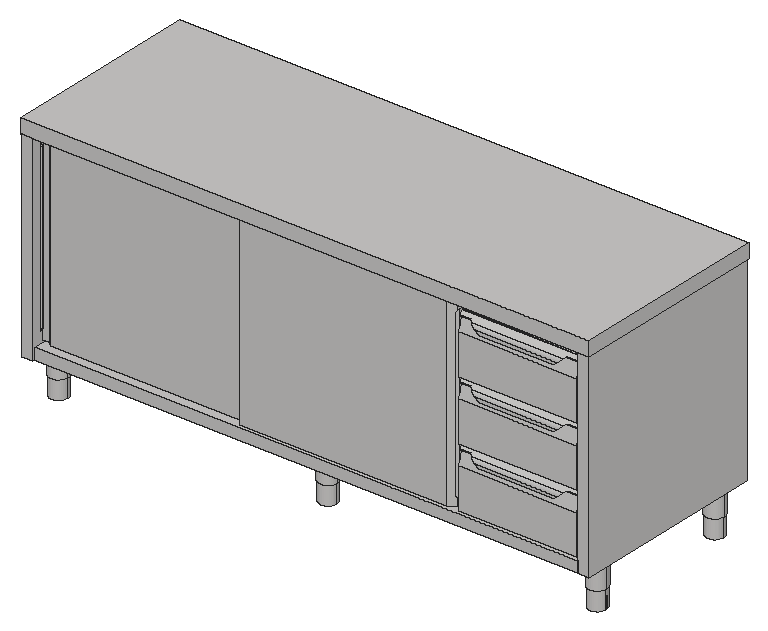
Revit family "QF_ZANUSSI_133263_MTA2000DXPN", category Attrezzature speciali, Revit 2020
Family settings
  Quota connettore circolare = Usa diametro
  Tipo di parte = Normale
  Basato su piano di lavoro = No
  Sempre verticale = Sì
  Taglio con vuoti quando caricato = No
  Condiviso = No
  Punto di calcolo locali = No
Parameters (values of type "Standard")
  Weight = 80.00 kg
  Watts = 0 W
  Volts = 0 V
  URL Manufacturer = "http://www.zanussiprofessional.com"
  URL = "http://www.zanussiprofessional.com"
  Steam Supply Size = 0 mm
  Steam Supply Minimum Pressure = 0.0 Pa
  Steam Supply Maximum Pressure = 0.0 Pa
  Steam Consumption per Hour = 0
  Refrigeration Suction Line Size = 0.0 mm
  Refrigeration Liquid Line Size = 0.0 mm
  Refrigerant Compressor Remote = yes
  Prospetto di default = 0.0 mm
  Phase = 0
  Modello = "MTA2000DXPN"
  Produttore = "Zanussi"
  Length Actual = 2000.0 mm  # constant formula
  Item Number = "133263"
  Hot Water Size = 0 mm
  Height Actual = 900.0 mm  # constant formula
  HP = "0 HP"
  Gas Size = 0 mm
  Gas KW = 0
  Gas Input Pressure = 0 W
  Direct Waste Size = 0 mm
  Descrizione = "TABLE W/3 R/H DRAWERS+2 SLIDING D.2000MM"
  Depth Actual = 700.0 mm  # constant formula
  Cycle = 0 Hz
  Condensate Return Size = 0 mm
  Compressed Air Volume = 0.0 L/s
  Compressed Air Size = 0 mm
  Compressed Air Pressure = 0.0 Pa
  Cold Water Size = 0 mm
  Accessory = yes
Reference planes
  plane 1 "Center (Front/Back)": y = 0
  plane 2: z = 0
  plane 3 "Center Slide Doors": x = -209
  plane 4 "LEFT": x = -1000
  plane 5 "RIGHT": x = 1000
  plane 6 "BACK": y = 350
  plane 7 "FRONT": y = -350
  plane 8 "TOP": z = 900
  plane 9: x = -954
  plane 10: x = 954
  plane 11: y = 270
  plane 12: y = -247
  plane 13 "FEET": z = 150
  plane 14: x = -956.5
  plane 15: y = -344.5
  plane 16: x = 538.5
  plane 17: x = -233.5
  plane 18: x = -184.5
  plane 19 "BaseTop": z = 850
  plane 20: x = -994.5
  plane 21: y = 344.5
  plane 22: x = 536
  plane 23: x = 956.5
  plane 24 "FeetLeft": x = -947
  plane 25: x = 947
  plane 26 "Center (Left/Right)": x = 0
  plane 27: x = 994.5
Forms (mm)
  Extrusion 1, solid, material "QF_Finishes_Stainless Steel"
    sketch origin (0, 0, 150) x (-1, 0, 0) y (0, -1, 0)
      loop
        line (994.5, -350) -> (994.5, 350) -> (956.5, 350) -> (956.5, -350) -> (994.5, -350)
      loop
        line (-956.4, -350) -> (-956.4, 344.5) -> (-994.5, 344.5) -> (-994.5, -350) -> (-956.4, -350)
    from 0 to 700
  Extrusion 2, solid, material "QF_Finishes_Stainless Steel"
    sketch origin (0, 0, 150) x (-1, 0, 0) y (0, -1, 0)
      loop
        line (956.5, -347) -> (956.5, 344.5) -> (-956.5, 344.5) -> (-956.5, -347) -> (956.5, -347)
    from 0 to 40
  Extrusion 3, solid, material "QF_Finishes_Stainless Steel"
    sketch origin (33, 0, 150) x (-1, 0, 0) y (0, -1, 0)
      loop
        line (217.5, 324.5) -> (217.5, 304.5) -> (987, 304.5) -> (987, 319.071) -> (977.942, 328.129) -> (976.312, 326.5) -> (985, 317.812) -> (985, 309.5) -> (966.034, 309.5) -> (946.034, 324.5) -> (217.5, 324.5)
    from 700 to 50
  Extrusion 4, void
    sketch origin (0, -350, 0) x (-1, 0, 0) y (0, 0, 1)
      loop
        line (942.418, 247.973) -> (942.418, 191.4) -> (956.5, 191.4) -> (956.5, 229.369) -> (942.418, 247.973)
      loop
        line (942.418, 816.627) -> (956.5, 835.231) -> (956.5, 850) -> (942.418, 850) -> (942.418, 816.627)
    from 20.5 to 40.5
  Extrusion 5, solid, material "QF_Finishes_Stainless Steel"
    sketch origin (0, 0, 150) x (-1, 0, 0) y (0, -1, 0)
      loop
        line (-956.5, -350) -> (956.5, -350) -> (956.5, -327) -> (-956.5, -327) -> (-956.5, -350)
    from 700 to 40
  Extrusion 6, solid, material "QF_Finishes_Stainless Steel"
    sketch origin (-209, 0, 0) x (0, 1, 0) y (0, 0, 1)
      loop
        line (-350, 900) -> (-350, 850) -> (350, 850) -> (350, 900) -> (-350, 900)
    from 1209 to -791
  Extrusion 7, solid, material "QF_Finishes_Stainless Steel"
    sketch origin (-847, -20, 150) x (1, 0, 0) y (0, 1, 0)
      loop
        line (613.5, -324.5) -> (1344.034, -324.5) -> (1364.034, -309.5) -> (1381, -309.5) -> (1381, -317.812) -> (1374.312, -324.5) -> (1375.942, -326.129) -> (1383, -319.071) -> (1383, -304.5) -> (613.5, -304.5) -> (613.5, -324.5)
    from 700 to 50
  Extrusion 8, void
    sketch origin (-814, -350, 0) x (1, 0, 0) y (0, 0, -1)
      loop
        line (1340.418, -247.973) -> (1352.5, -229.369) -> (1352.5, -191.4) -> (1340.418, -191.4) -> (1340.418, -247.973)
      loop
        line (1340.418, -816.627) -> (1340.418, -850) -> (1352.5, -850) -> (1352.5, -835.231) -> (1340.418, -816.627)
    from 2.49 to 20.5
  Extrusion 9, solid, material "QF_Finishes_Stainless Steel"
    sketch origin (0, 0, 850) x (-1, 0, 0) y (0, -1, 0)
      loop
        line (-956.5, 304.5) -> (-956.5, 299.5) -> (-954, 299.5) -> (-954, 304.5) -> (-956.5, 304.5)
    from 0 to -2
Cuts and joins
  Extrusion 4, Extrusion 8 cuts Extrusion 3
  Extrusion 8 cuts Extrusion 1
  Extrusion 8 cuts Extrusion 6
  Extrusion 8 cuts Extrusion 7
Lines and regions (mm)
  symbolic lines, style "SpecialityEquipment"
    curve 1: line (-1000, 350, 850) -> (1000, 350, 850)
    curve 2: line (-1000, -350, 850) -> (-1000, 350, 850)
    curve 3: line (1000, -350, 850) -> (-1000, -350, 850)
    curve 4: line (1000, 350, 850) -> (1000, -350, 850)
    curve 17: line (-1000, 337, 850) -> (1000, 337, 850)
  symbolic lines, style "SpecialityEquipmentHiddenLines"
    curve 5: line (-233.5, -324.5, 200) -> (-233.5, -344.5, 200)
    curve 6: line (-954, -304.5, 850) -> (-184.5, -304.5, 850)
    curve 7: line (-184.5, -304.5, 850) -> (-184.5, -324.5, 850)
    curve 8: line (-184.5, -324.5, 850) -> (-913.034, -324.5, 850)
    curve 9: line (-913.034, -324.5, 850) -> (-933.034, -309.5, 850)
    curve 10: line (-933.034, -309.5, 850) -> (-954, -309.5, 850)
    curve 11: line (-954, -309.5, 850) -> (-954, -304.5, 850)
    curve 12: line (-233.5, -344.5, 850) -> (497.034, -344.5, 850)
    curve 13: line (497.034, -344.5, 850) -> (517.034, -329.5, 850)
    curve 14: line (517.034, -329.5, 850) -> (536, -329.5, 850)
    curve 15: line (536, -329.5, 850) -> (536, -324.5, 850)
    curve 16: line (536, -324.5, 850) -> (-184.5, -324.5, 850)
Dimensions and locks
  plane 6 "BACK" to plane 7 "FRONT" = 700.0 mm
  equal spacing: plane 6 "BACK", plane 1 "Center (Front/Back)", plane 7 "FRONT"
  locked: plane 13 "FEET" to level at 150
  locked: plane 6 "BACK" to plane 11 at 80
  locked: plane 12 to plane 7 "FRONT" at 103
  plane 17 to plane 18 = 49.0 mm
  equal spacing: plane 17, plane 3 "Center Slide Doors", plane 18
  locked: plane 4 "LEFT" to plane 20 at 5.5
  locked: plane 20 to plane 14 at 38
  plane 15 to plane 7 "FRONT" = 5.5 mm  (x2)
  plane 6 "BACK" to plane 21 = 5.5 mm
  locked: plane 22 to plane 16 at 2.5
  equal spacing: plane 9, plane 3 "Center Slide Doors", plane 22
  locked: plane 9 to plane 22 at 1490
  locked: plane 4 "LEFT" to plane 5 "RIGHT" at 2000
  locked: plane 24 "FeetLeft" to plane 20 at 47.5
  locked: plane 8 "TOP" to level at 900
  locked: plane 27 to plane 5 "RIGHT" at 5.5
  locked: plane 23 to plane 27 at 38
  locked: plane 10 to plane 23 at 2.5
  locked: plane 27 to plane 25 at 47.5
  equal spacing: plane 4 "LEFT", plane 26 "Center (Left/Right)", plane 5 "RIGHT"
  locked: plane 14 to plane 9 at 2.5
  aligned and locked: level to plane 2
  aligned and locked: nested 4 to plane 11
  aligned and locked: nested 3 to plane 11
  aligned and locked: plane 6 "BACK" to Extrusion 1 sketch curve
  aligned and locked: Extrusion 1 sketch curve to plane 6 "BACK"
  aligned and locked: Extrusion 1 sketch curve to plane 7 "FRONT"
  aligned and locked: plane 14 to Extrusion 1
  aligned and locked: Extrusion 2 to plane 14
  aligned and locked: Extrusion 2 to plane 15
  aligned and locked: nested 1 to plane 12
  aligned and locked: nested 2 to plane 12
  aligned and locked: plane 18 to Extrusion 3
  aligned and locked: nested 4 to nested 2
  aligned and locked: Extrusion 5 to plane 14
  aligned and locked: plane 19 "BaseTop" to Extrusion 3
  aligned and locked: plane 19 "BaseTop" to Extrusion 5
  aligned and locked: Extrusion 6 to plane 4 "LEFT"
  aligned and locked: plane 5 "RIGHT" to Extrusion 6
  aligned and locked: plane 23 to Extrusion 2 sketch curve
  aligned and locked: plane 24 "FeetLeft" to nested 1
  aligned and locked: nested 3 to nested 1
  aligned and locked: plane 25 to nested 2
  aligned and locked: nested 5 to plane 26 "Center (Left/Right)"
  aligned and locked: nested 6 to nested 5
  aligned and locked: Extrusion 5 to plane 23
  aligned and locked: plane 27 to cut or joined group of Extrusion 1, Extrusion 8
Automatic sketch dimensions
  Extrusion 1 sketch curve to plane 15 = 0.0 mm
  Extrusion 1 sketch curve to plane 14 = 0.0 mm
  Extrusion 1 sketch curve to plane 20 = 0.0 mm
  plane 23 to Extrusion 1 sketch curve = 0.1 mm
  Extrusion 2 sketch curve to plane 14 = 0.0 mm
  Extrusion 2 sketch curve to plane 15 = 0.0 mm
  plane 21 to Extrusion 2 sketch curve = 2.5 mm
  Extrusion 3 sketch curve to plane 18 = 0.0 mm
  Extrusion 3 sketch curve to plane 9 = 0.0 mm
  plane 24 "FeetLeft" to Extrusion 3 sketch curve = 33.966 mm
  plane 24 "FeetLeft" to Extrusion 3 sketch curve = 13.966 mm
  plane 24 "FeetLeft" to Extrusion 3 sketch curve = 3.688 mm
  plane 24 "FeetLeft" to Extrusion 3 sketch curve = 2.058 mm
  plane 9 to Extrusion 3 sketch curve = 2.0 mm
  plane 15 to Extrusion 3 sketch curve = 40.0 mm
  Extrusion 3 sketch curve to Extrusion 3 sketch curve = 5.0 mm
  Extrusion 3 sketch curve to Extrusion 3 sketch curve = 8.312 mm
  Extrusion 3 sketch curve to Extrusion 3 sketch curve = 1.259 mm
  plane 15 to Extrusion 3 sketch curve = 20.0 mm
  Extrusion 4 sketch curve to plane 19 "BaseTop" = 0.0 mm
  Extrusion 4 sketch curve to plane 14 = 0.0 mm  (x2)
  plane 24 "FeetLeft" to Extrusion 4 sketch curve = 4.582 mm  (x2)
  Extrusion 4 sketch curve to Extrusion 4 sketch curve = 14.769 mm
  Extrusion 4 sketch curve to Extrusion 4 sketch curve = 18.604 mm  (x2)
  plane 13 "FEET" to Extrusion 4 sketch curve = 97.973 mm
  Extrusion 4 sketch curve to Extrusion 4 sketch curve = 37.969 mm
  curve 5 to plane 15 = 0.0 mm
  curve 5 to plane 17 = 0.0 mm
  plane 15 to curve 5 = 20.0 mm
  Extrusion 5 sketch curve to plane 6 "BACK" = 0.0 mm
  Extrusion 5 sketch curve to plane 23 = 0.0 mm
  Extrusion 5 sketch curve to plane 14 = 0.0 mm
  plane 21 to Extrusion 5 sketch curve = 17.5 mm
  curve 17 to plane 5 "RIGHT" = 0.0 mm
  curve 16 to plane 22 = 0.0 mm
  curve 13 to plane 15 = 0.0 mm
  curve 7 to plane 18 = 0.0 mm
  curve 12 to plane 17 = 0.0 mm
  curve 11 to plane 9 = 0.0 mm
  curve 3 to plane 4 "LEFT" = 0.0 mm
  curve 1 to plane 6 "BACK" = 0.0 mm
  curve 3 to plane 7 "FRONT" = 0.0 mm
  curve 14 to curve 14 = 18.966 mm
  curve 13 to curve 13 = 20.0 mm
  plane 24 "FeetLeft" to curve 9 = 33.966 mm
  plane 24 "FeetLeft" to curve 9 = 13.966 mm
  plane 15 to curve 7 = 40.0 mm
  curve 6 to curve 10 = 5.0 mm
  plane 15 to curve 8 = 20.0 mm
  curve 15 to curve 15 = 5.0 mm
  curve 17 to plane 21 = 7.5 mm
  Extrusion 6 sketch curve to plane 7 "FRONT" = 0.0 mm
  Extrusion 6 sketch curve to plane 6 "BACK" = 0.0 mm
  Extrusion 6 sketch curve to plane 19 "BaseTop" = 0.0 mm
  Extrusion 7 sketch curve to plane 17 = 0.0 mm
  Extrusion 7 sketch curve to plane 15 = 0.0 mm  (x2)
  Extrusion 7 sketch curve to plane 22 = 0.0 mm
  plane 22 to Extrusion 7 sketch curve = 38.966 mm
  plane 22 to Extrusion 7 sketch curve = 18.966 mm
  plane 22 to Extrusion 7 sketch curve = 8.688 mm
  plane 15 to Extrusion 7 sketch curve = 1.629 mm
  Extrusion 7 sketch curve to Extrusion 7 sketch curve = 1.629 mm
  plane 22 to Extrusion 7 sketch curve = 2.0 mm
  Extrusion 7 sketch curve to plane 15 = 15.0 mm
  Extrusion 7 sketch curve to Extrusion 7 sketch curve = 5.0 mm
  Extrusion 8 sketch curve to plane 19 "BaseTop" = 0.0 mm
  Extrusion 8 sketch curve to plane 16 = 0.0 mm  (x2)
  plane 22 to Extrusion 8 sketch curve = 9.582 mm  (x2)
  Extrusion 8 sketch curve to Extrusion 8 sketch curve = 14.769 mm
  Extrusion 8 sketch curve to Extrusion 8 sketch curve = 18.604 mm  (x2)
  Extrusion 8 sketch curve to plane 13 "FEET" = 97.973 mm
  Extrusion 8 sketch curve to Extrusion 8 sketch curve = 37.969 mm
  Extrusion 9 sketch curve to plane 23 = 0.0 mm
  Extrusion 9 sketch curve to plane 10 = 0.0 mm
  plane 15 to Extrusion 9 sketch curve = 45.0 mm
  Extrusion 9 sketch curve to Extrusion 9 sketch curve = 5.0 mm
  Extrusion 1 sketch curve to plane 5 "RIGHT" = 5.5 mm
  Extrusion 6 sketch curve to plane 8 "TOP" = 0.0 mm
Nested families
  nested 1: "FEET_D60-150" at (-947, -247, 0), type "FEET_D60-150"
  nested 2: "FEET_D60-150" at (947, -247, 0), type "FEET_D60-150"
  nested 3: "FEET_D60-150" at (-947, 270, 0), type "FEET_D60-150"
  nested 4: "FEET_D60-150" at (947, 270, 0), type "FEET_D60-150"
  nested 5: "FEET_D60-150" at (0, -247, 0), type "FEET_D60-150"
  nested 6: "FEET_D60-150" at (0, 270, 0), type "FEET_D60-150"
  nested 7: "H637_600_3DRAWERS" at (710.458, -304.5, 152) x (1, 0, 0) z (0, -1, 0), type "H637_600_3DRAWERS"
    with Show Clearance yes
Definition of nested family "FEET_D60-150"
  Parameters
    Default Elevation = 0.0 mm
    FEET = 150.0 mm
  Reference planes
    plane 1 "Center (Front/Back)": y = 0
    plane 2: z = 0
    plane 3 "Center (Left/Right)": x = 0
    plane 4: z = 150
  Forms (mm)
    Extrusion 1, solid
      sketch origin (0, 0, 0) x (1, 0, 0) y (0, 1, 0)
        loop
          circle (0, 0) r 28
      from 0 to 67
    Revolve 2, solid
      sketch origin (0, 0, 0) x (1, 0, 0) y (0, 0, 1)
        loop
          line (0, 0) -> (0, 150) -> (-32.939, 150) -> (-32.939, 67) -> (-30, 67) -> (-30, 0) -> (0, 0)
        axis (0, 150) -> (0, 0)
      angle from 0 to 360
  Lines and regions (mm)
    symbolic lines
      curve 1: line (0, -1.503, 0) -> (0, 1.508, 0)
      curve 2: line (1.561, 0, 0) -> (-1.439, 0, 0)
  Dimensions and locks
    "FEET": plane 4 to plane 2
    aligned and locked: level to plane 2
  Automatic sketch dimensions
    plane 1 "Center (Front/Back)" to Extrusion 1 sketch curve = 0.0 mm
    Extrusion 1 sketch curve to plane 3 "Center (Left/Right)" = 0.0 mm
    plane 1 "Center (Front/Back)" to curve 2 = 0.0 mm
    curve 1 to plane 3 "Center (Left/Right)" = 0.0 mm
    curve 2 to plane 3 "Center (Left/Right)" = 1.439 mm
    plane 3 "Center (Left/Right)" to curve 2 = 1.561 mm
    plane 1 "Center (Front/Back)" to curve 1 = 1.503 mm
    curve 1 to plane 1 "Center (Front/Back)" = 1.508 mm
    Revolve 2 sketch curve to plane 4 = 0.0 mm
    Revolve 2 sketch curve to level = 0.0 mm
    Revolve 2 sketch curve to plane 3 "Center (Left/Right)" = 0.0 mm  (x2)
    Revolve 2 sketch curve to plane 3 "Center (Left/Right)" = 30.0 mm
    Revolve 2 sketch curve to plane 3 "Center (Left/Right)" = 32.939 mm
    level to Revolve 2 sketch curve = 67.0 mm
    Revolve 2 sketch curve to level = 42.207 mm
    Revolve 2 sketch curve to Revolve 2 sketch curve = 10.0 mm
    radius of Extrusion 1 sketch curve = 28.0 mm
Definition of nested family "H637_600_3DRAWERS"
  Parameters
    Width = 419.0 mm
    Show Clearance [instance] = yes
    Model = "727995"
    Height = 700.0 mm
    Default Elevation = 0.0 mm
  Reference planes
    plane 1 "Center (Front/Back)": y = 0
    plane 2: z = 0
    plane 3 "Center (Left/Right)": x = 36.042
    plane 4 "panel": z = 25
    plane 5 "Left": x = -173.458
    plane 6 "Right": x = 245.542
    plane 7: y = 700
    plane 8: z = 45
    plane 9: x = 243.542
    plane 10: x = -171.458
    plane 11: y = 676
    plane 12: y = 38
    plane 13: z = 499.734
    plane 14: y = 470
    plane 15: y = 465
    plane 16: y = 259
    plane 17: y = 254
    plane 18: y = 48
  Forms (mm)
    Extrusion 1, solid
      sketch origin (0, -919.2, 0) x (1, 0, 0) y (0, 1, 0)
        loop
          line (-980.5, 2119.2) -> (-980.5, -162.846) -> (881.94, -162.846) -> (881.94, 2119.2) -> (-980.5, 2119.2)
      from 0 to -59.546
    Extrusion 2, solid
      sketch origin (36.042, -645.693, 0) x (0, 1, 0) y (0, 0, 1)
        loop
          line (856.63, 49.734) -> (856.63, 47.734) -> (866.98, 47.734)
          arc (866.98, 47.734) -> (873.586, 46.42) -> (879.186, 42.679) r 17.261
          line (879.186, 42.679) -> (896.019, 25.845) -> (899.693, 25) -> (880.6, 44.093)
          arc (880.6, 44.093) -> (874.351, 48.268) -> (866.98, 49.734) r 19.261
          line (866.98, 49.734) -> (856.63, 49.734)
      from -207.5 to 207.5
    Extrusion 3, solid, detail levels coarse
      sketch origin (0, 0, 0) x (1, 0, 0) y (0, 0, 1)
        loop
          line (-171.458, 40) -> (243.542, 40) -> (243.542, 499.734) -> (-171.458, 499.734) -> (-171.458, 40)
      from -48 to -254
    Extrusion 4, solid
      sketch origin (36.042, -616, 0) x (0, 1, 0) y (0, 0, 1)
        loop
          line (664.4, 40) -> (664.4, 0) -> (870, 0) -> (870, 25) -> (804.797, 40) -> (664.4, 40)
      from 207.5 to -207.5
    Extrusion 5, void
      sketch origin (0, 0, 0) x (1, 0, 0) y (0, 1, 0)
        loop
          line (-99.744, 213.799) -> (-133.705, 243.322) -> (-166.458, 243.322)
          arc (-166.458, 243.322) -> (-169.994, 244.786) -> (-171.458, 248.322) r 5
          line (-171.458, 248.322) -> (-171.458, 210.937) -> (-91.403, 210.937)
          arc (-91.403, 210.937) -> (-95.762, 211.819) -> (-99.744, 213.799) r 17.035
      from 36.678 to 53.74
    Extrusion 6, void
      sketch origin (72.084, 0, 0) x (-1, 0, 0) y (0, -1, 0)
        loop
          arc (-99.744, -213.799) -> (-95.762, -211.819) -> (-91.403, -210.937) r 17.035
          line (-91.403, -210.937) -> (-171.458, -210.937) -> (-171.458, -248.322)
          arc (-171.458, -248.322) -> (-169.994, -244.786) -> (-166.458, -243.322) r 5
          line (-166.458, -243.322) -> (-133.705, -243.322) -> (-99.744, -213.799)
      from 36.678 to 53.74
    Extrusion 7, solid
      sketch origin (36.042, -434.693, 0) x (0, 1, 0) y (0, 0, 1)
        loop
          line (856.63, 49.734) -> (856.63, 47.734) -> (866.98, 47.734)
          arc (866.98, 47.734) -> (873.586, 46.42) -> (879.186, 42.679) r 17.261
          line (879.186, 42.679) -> (896.019, 25.845) -> (899.693, 25) -> (880.6, 44.093)
          arc (880.6, 44.093) -> (874.351, 48.268) -> (866.98, 49.734) r 19.261
          line (866.98, 49.734) -> (856.63, 49.734)
      from -207.5 to 207.5
    Extrusion 8, solid
      sketch origin (36.042, -405, 0) x (0, 1, 0) y (0, 0, 1)
        loop
          line (664, 40) -> (664, 0) -> (870, 0) -> (870, 25) -> (804.797, 40) -> (664, 40)
      from 207.5 to -207.5
    Extrusion 9, void
      sketch origin (0, 211, 0) x (1, 0, 0) y (0, 1, 0)
        loop
          line (-99.744, 213.799) -> (-133.705, 243.322) -> (-166.458, 243.322)
          arc (-166.458, 243.322) -> (-169.994, 244.786) -> (-171.458, 248.322) r 5
          line (-171.458, 248.322) -> (-171.458, 210.937) -> (-91.403, 210.937)
          arc (-91.403, 210.937) -> (-95.762, 211.819) -> (-99.744, 213.799) r 17.035
      from 36.678 to 53.74
    Extrusion 10, void
      sketch origin (72.084, 211, 0) x (-1, 0, 0) y (0, -1, 0)
        loop
          arc (-99.744, -213.799) -> (-95.762, -211.819) -> (-91.403, -210.937) r 17.035
          line (-91.403, -210.937) -> (-171.458, -210.937) -> (-171.458, -248.322)
          arc (-171.458, -248.322) -> (-169.994, -244.786) -> (-166.458, -243.322) r 5
          line (-166.458, -243.322) -> (-133.705, -243.322) -> (-99.744, -213.799)
      from 36.678 to 53.74
    Extrusion 11, solid
      sketch origin (36.042, -223.693, 0) x (0, 1, 0) y (0, 0, 1)
        loop
          line (856.63, 49.734) -> (856.63, 47.734) -> (866.98, 47.734)
          arc (866.98, 47.734) -> (873.586, 46.42) -> (879.186, 42.679) r 17.261
          line (879.186, 42.679) -> (896.019, 25.845) -> (899.693, 25) -> (880.6, 44.093)
          arc (880.6, 44.093) -> (874.351, 48.268) -> (866.98, 49.734) r 19.261
          line (866.98, 49.734) -> (856.63, 49.734)
      from -207.5 to 207.5
    Extrusion 12, solid
      sketch origin (36.042, -194, 0) x (0, 1, 0) y (0, 0, 1)
        loop
          line (664, 40) -> (664, 0) -> (870, 0) -> (870, 25) -> (804.797, 40) -> (664, 40)
      from 207.5 to -207.5
    Extrusion 13, void
      sketch origin (0, 422, 0) x (1, 0, 0) y (0, 1, 0)
        loop
          line (-99.744, 213.799) -> (-133.705, 243.322) -> (-166.458, 243.322)
          arc (-166.458, 243.322) -> (-169.994, 244.786) -> (-171.458, 248.322) r 5
          line (-171.458, 248.322) -> (-171.458, 210.937) -> (-91.403, 210.937)
          arc (-91.403, 210.937) -> (-95.762, 211.819) -> (-99.744, 213.799) r 17.035
      from 36.678 to 53.74
    Extrusion 14, void
      sketch origin (72.084, 422, 0) x (-1, 0, 0) y (0, -1, 0)
        loop
          arc (-99.744, -213.799) -> (-95.762, -211.819) -> (-91.403, -210.937) r 17.035
          line (-91.403, -210.937) -> (-171.458, -210.937) -> (-171.458, -248.322)
          arc (-171.458, -248.322) -> (-169.994, -244.786) -> (-166.458, -243.322) r 5
          line (-166.458, -243.322) -> (-133.705, -243.322) -> (-99.744, -213.799)
      from 36.678 to 53.74
    Extrusion 15, solid, detail levels coarse
      sketch origin (0, 0, 0) x (1, 0, 0) y (0, 0, 1)
        loop
          line (-171.458, 40) -> (243.542, 40) -> (243.542, 499.734) -> (-171.458, 499.734) -> (-171.458, 40)
      from -259 to -465
    Extrusion 16, solid, detail levels coarse
      sketch origin (0, 0, 0) x (1, 0, 0) y (0, 0, 1)
        loop
          line (-171.458, 40) -> (243.542, 40) -> (243.542, 499.734) -> (-171.458, 499.734) -> (-171.458, 40)
      from -470 to -676
  Cuts and joins
    Extrusion 5, Extrusion 6, Extrusion 9, Extrusion 10 cuts Extrusion 2
    Extrusion 5 cuts Extrusion 4
    Extrusion 9, Extrusion 10, Extrusion 13, Extrusion 14 cuts Extrusion 7
    Extrusion 13, Extrusion 14 cuts Extrusion 11
  Lines and regions (mm)
    symbolic lines
      curve 1: line (243.542, 0, 179.734) -> (243.542, 0, 199.734)
      curve 2: line (212.235, 0, 49.734) -> (-171.458, 0, 49.734)
      curve 3: spline (231.959, 0, 44.389) -> (230.421, 0, 45.265) -> (228.856, 0, 46.066) -> (227.265, 0, 46.791) -> (225.651, 0, 47.437) -> (224.017, 0, 48.005) -> (222.365, 0, 48.493) -> (220.698, 0, 48.9) -> (219.019, 0, 49.226) -> (217.331, 0, 49.471) -> (215.636, 0, 49.633) -> (213.936, 0, 49.712) -> (212.236, 0, 49.71)
      curve 4: line (238.456, 0, 40) -> (231.959, 0, 44.389)
      curve 5: line (243.542, 0, 500) -> (-171.458, 0, 500)
      curve 6: line (243.542, 0, 349.734) -> (-171.458, 0, 349.734)
      curve 7: line (243.542, 0, 199.734) -> (-171.458, 0, 199.734)
      curve 8: line (243.542, 0, 480) -> (-171.458, 0, 480)
      curve 9: line (243.542, 0, 329.734) -> (-171.458, 0, 329.734)
      curve 10: line (243.542, 0, 179.734) -> (-171.458, 0, 179.734)
      curve 11: line (-156.458, 0, 49.734) -> (-156.458, 0, 179.734)
      curve 12: line (-156.458, 0, 349.734) -> (-156.458, 0, 480)
      curve 13: line (-156.458, 0, 199.734) -> (-156.458, 0, 329.734)
      curve 14: line (228.542, 0, 49.734) -> (228.542, 0, 179.734)
      curve 15: line (228.542, 0, 349.734) -> (228.542, 0, 480)
      curve 16: line (228.542, 0, 199.734) -> (228.542, 0, 329.734)
      curve 17: line (243.542, 0, 480) -> (243.542, 0, 500)
      curve 18: line (243.542, 0, 329.734) -> (243.542, 0, 349.734)
      curve 19: line (-171.458, 0, 179.734) -> (-171.458, 0, 199.734)
      curve 20: line (-171.458, 0, 480) -> (-171.458, 0, 500)
      curve 21: line (-171.458, 0, 329.734) -> (-171.458, 0, 349.734)
  Dimensions and locks
    plane 4 "panel" to level = 25.0 mm
    "Width": plane 5 "Left" to plane 6 "Right"
    equal spacing: plane 5 "Left", plane 3 "Center (Left/Right)", plane 6 "Right"
    "Height": plane 1 "Center (Front/Back)" to plane 7
    plane 9 to plane 6 "Right" = 2.0 mm
    plane 5 "Left" to plane 10 = 2.0 mm
    plane 7 to plane 11 = 24.0 mm
    plane 1 "Center (Front/Back)" to plane 12 = 38.0 mm
    plane 10 to plane 9 = 415.0 mm
    plane 11 to plane 14 = 206.0 mm
    locked: plane 14 to plane 15 at 5
    plane 15 to plane 16 = 206.0 mm
    locked: plane 16 to plane 17 at 5
    plane 17 to plane 18 = 206.0 mm  (x2)
    plane 16 to plane 17 = 5.0 mm
    plane 14 to plane 15 = 5.0 mm
    plane 16 to plane 15 = 206.0 mm
    plane 14 to plane 11 = 206.0 mm
    aligned and locked: plane 2 to Extrusion 1
    aligned and locked: level to Extrusion 1
    aligned and locked: plane 9 to Extrusion 4
    aligned and locked: plane 10 to Extrusion 4
  Automatic sketch dimensions
    Extrusion 1 sketch curve to Extrusion 1 sketch curve = 1862.44 mm
    Extrusion 1 sketch curve to Extrusion 1 sketch curve = 2282.046 mm
    Extrusion 2 sketch curve to Extrusion 2 sketch curve = 0.0 mm  (x2)
    Extrusion 2 sketch curve to plane 4 "panel" = 0.0 mm
    Extrusion 2 sketch curve to plane 17 = 0.0 mm
    plane 4 "panel" to Extrusion 2 sketch curve = 0.845 mm
    Extrusion 2 sketch curve to plane 17 = 3.674 mm
    Extrusion 2 sketch curve to plane 8 = 0.907 mm
    Extrusion 2 sketch curve to plane 17 = 19.093 mm
    Extrusion 2 sketch curve to plane 8 = 2.321 mm
    Extrusion 2 sketch curve to Extrusion 2 sketch curve = 1.414 mm
    plane 4 "panel" to Extrusion 2 sketch curve = 5.474 mm
    Extrusion 2 sketch curve to Extrusion 2 sketch curve = 12.205 mm
    Extrusion 2 sketch curve to Extrusion 2 sketch curve = 10.351 mm
    Extrusion 4 sketch curve to level = 0.0 mm
    Extrusion 4 sketch curve to plane 4 "panel" = 0.0 mm
    Extrusion 4 sketch curve to plane 17 = 0.0 mm
    Extrusion 4 sketch curve to plane 8 = 5.0 mm
    Extrusion 4 sketch curve to plane 17 = 65.203 mm
    plane 18 to Extrusion 4 sketch curve = 0.4 mm
    Extrusion 7 sketch curve to Extrusion 7 sketch curve = 0.0 mm  (x2)
    Extrusion 7 sketch curve to plane 4 "panel" = 0.0 mm
    Extrusion 7 sketch curve to plane 15 = 0.0 mm
    plane 4 "panel" to Extrusion 7 sketch curve = 0.845 mm
    Extrusion 7 sketch curve to plane 15 = 3.674 mm
    Extrusion 7 sketch curve to plane 8 = 0.907 mm
    Extrusion 7 sketch curve to plane 15 = 19.093 mm
    Extrusion 7 sketch curve to plane 8 = 2.321 mm
    Extrusion 7 sketch curve to Extrusion 7 sketch curve = 1.414 mm
    plane 4 "panel" to Extrusion 7 sketch curve = 5.474 mm
    Extrusion 7 sketch curve to Extrusion 7 sketch curve = 12.205 mm
    Extrusion 7 sketch curve to Extrusion 7 sketch curve = 10.351 mm
    Extrusion 8 sketch curve to plane 16 = 0.0 mm
    Extrusion 8 sketch curve to plane 4 "panel" = 0.0 mm
    Extrusion 8 sketch curve to plane 15 = 0.0 mm
    Extrusion 8 sketch curve to level = 0.0 mm
    Extrusion 8 sketch curve to plane 8 = 5.0 mm
    Extrusion 8 sketch curve to plane 15 = 65.203 mm
    Extrusion 11 sketch curve to Extrusion 11 sketch curve = 0.0 mm  (x2)
    Extrusion 11 sketch curve to plane 4 "panel" = 0.0 mm
    Extrusion 11 sketch curve to plane 11 = 0.0 mm
    plane 4 "panel" to Extrusion 11 sketch curve = 0.845 mm
    Extrusion 11 sketch curve to plane 11 = 3.674 mm
    Extrusion 11 sketch curve to plane 8 = 0.907 mm
    Extrusion 11 sketch curve to plane 11 = 19.093 mm
    Extrusion 11 sketch curve to plane 8 = 2.321 mm
    Extrusion 11 sketch curve to Extrusion 11 sketch curve = 1.414 mm
    plane 4 "panel" to Extrusion 11 sketch curve = 5.474 mm
    Extrusion 11 sketch curve to Extrusion 11 sketch curve = 12.205 mm
    Extrusion 11 sketch curve to Extrusion 11 sketch curve = 10.351 mm
    Extrusion 12 sketch curve to plane 14 = 0.0 mm
    Extrusion 12 sketch curve to plane 4 "panel" = 0.0 mm
    Extrusion 12 sketch curve to plane 11 = 0.0 mm
    Extrusion 12 sketch curve to level = 0.0 mm
    Extrusion 12 sketch curve to plane 8 = 5.0 mm
    Extrusion 12 sketch curve to plane 11 = 65.203 mm
    plane 10 to curve 21 = 0.0 mm
    plane 10 to curve 20 = 0.0 mm
    plane 10 to curve 2 = 0.0 mm
    plane 10 to curve 19 = 0.0 mm
    curve 6 to plane 9 = 0.0 mm
    curve 7 to plane 9 = 0.0 mm
    curve 17 to plane 9 = 0.0 mm
    curve 4 to plane 8 = 0.611 mm
    curve 4 to plane 9 = 11.583 mm
    plane 8 to curve 19 = 134.734 mm
    curve 19 to curve 19 = 20.0 mm
    curve 1 to curve 18 = 130.0 mm
    curve 9 to curve 18 = 20.0 mm
    plane 13 to curve 17 = 19.734 mm
    curve 20 to plane 13 = 0.266 mm
    plane 8 to curve 11 = 4.734 mm
    curve 11 to plane 10 = 15.0 mm
    curve 21 to curve 12 = 15.0 mm
    curve 19 to curve 13 = 15.0 mm
    curve 2 to curve 3 = 19.723 mm
    curve 2 to curve 3 = 0.0 mm
    curve 3 to level = 1.281 mm
    curve 3 to plane 6 "Right" = 32.398 mm
    curve 15 to curve 6 = 15.0 mm
    curve 14 to curve 1 = 15.0 mm
    curve 16 to curve 1 = 15.0 mm
    curve 4 to plane 9 = 5.086 mm
    curve 4 to plane 8 = 5.0 mm
    curve 3 to curve 2 = 0.025 mm
    plane 8 to curve 14 = 4.734 mm
    plane 10 to Extrusion 3 sketch curve = 0.0 mm
    Extrusion 3 sketch curve to plane 9 = 0.0 mm
    Extrusion 3 sketch curve to plane 13 = 0.0 mm
    Extrusion 3 sketch curve to plane 8 = 5.0 mm
    Extrusion 5 sketch curve to plane 10 = 0.0 mm
    Extrusion 5 sketch curve to plane 10 = 5.0 mm
    Extrusion 5 sketch curve to plane 17 = 10.678 mm
    Extrusion 5 sketch curve to Extrusion 5 sketch curve = 32.753 mm
    Extrusion 5 sketch curve to Extrusion 5 sketch curve = 33.961 mm
    Extrusion 5 sketch curve to Extrusion 5 sketch curve = 8.34 mm
    Extrusion 5 sketch curve to Extrusion 5 sketch curve = 9.511 mm
    Extrusion 5 sketch curve to plane 17 = 26.068 mm
    Extrusion 5 sketch curve to Extrusion 5 sketch curve = 14.132 mm
    Extrusion 6 sketch curve to plane 9 = 0.0 mm
    plane 9 to Extrusion 6 sketch curve = 5.0 mm
    plane 17 to Extrusion 6 sketch curve = 10.678 mm
    Extrusion 6 sketch curve to Extrusion 6 sketch curve = 32.753 mm
    Extrusion 6 sketch curve to Extrusion 6 sketch curve = 33.961 mm
    Extrusion 6 sketch curve to Extrusion 6 sketch curve = 8.34 mm
    Extrusion 6 sketch curve to Extrusion 6 sketch curve = 1.171 mm
    plane 17 to Extrusion 6 sketch curve = 26.068 mm
    Extrusion 6 sketch curve to Extrusion 6 sketch curve = 14.132 mm
    Extrusion 9 sketch curve to plane 10 = 0.0 mm
    Extrusion 9 sketch curve to plane 10 = 5.0 mm
    Extrusion 9 sketch curve to plane 15 = 10.678 mm
    Extrusion 9 sketch curve to Extrusion 9 sketch curve = 32.753 mm
    Extrusion 9 sketch curve to Extrusion 9 sketch curve = 33.961 mm
    Extrusion 9 sketch curve to Extrusion 9 sketch curve = 8.34 mm
    Extrusion 9 sketch curve to Extrusion 9 sketch curve = 9.511 mm
    Extrusion 9 sketch curve to plane 15 = 26.068 mm
    Extrusion 9 sketch curve to Extrusion 9 sketch curve = 14.132 mm
    Extrusion 10 sketch curve to plane 9 = 0.0 mm
    plane 9 to Extrusion 10 sketch curve = 5.0 mm
    plane 15 to Extrusion 10 sketch curve = 10.678 mm
    Extrusion 10 sketch curve to Extrusion 10 sketch curve = 32.753 mm
    Extrusion 10 sketch curve to Extrusion 10 sketch curve = 33.961 mm
    Extrusion 10 sketch curve to Extrusion 10 sketch curve = 8.34 mm
    Extrusion 10 sketch curve to Extrusion 10 sketch curve = 1.171 mm
    plane 15 to Extrusion 10 sketch curve = 26.068 mm
    Extrusion 10 sketch curve to Extrusion 10 sketch curve = 14.132 mm
    Extrusion 13 sketch curve to plane 10 = 0.0 mm
    Extrusion 13 sketch curve to plane 10 = 5.0 mm
    Extrusion 13 sketch curve to plane 11 = 10.678 mm
    Extrusion 13 sketch curve to Extrusion 13 sketch curve = 32.753 mm
    Extrusion 13 sketch curve to Extrusion 13 sketch curve = 33.961 mm
    Extrusion 13 sketch curve to Extrusion 13 sketch curve = 8.34 mm
    Extrusion 13 sketch curve to Extrusion 13 sketch curve = 9.511 mm
    Extrusion 13 sketch curve to plane 11 = 26.068 mm
    Extrusion 13 sketch curve to Extrusion 13 sketch curve = 14.132 mm
    Extrusion 14 sketch curve to plane 9 = 0.0 mm
    plane 9 to Extrusion 14 sketch curve = 5.0 mm
    plane 11 to Extrusion 14 sketch curve = 10.678 mm
    Extrusion 14 sketch curve to Extrusion 14 sketch curve = 32.753 mm
    Extrusion 14 sketch curve to Extrusion 14 sketch curve = 33.961 mm
    Extrusion 14 sketch curve to Extrusion 14 sketch curve = 8.34 mm
    Extrusion 14 sketch curve to Extrusion 14 sketch curve = 1.171 mm
    plane 11 to Extrusion 14 sketch curve = 26.068 mm
    Extrusion 14 sketch curve to Extrusion 14 sketch curve = 14.132 mm
    plane 10 to Extrusion 15 sketch curve = 0.0 mm
    Extrusion 15 sketch curve to plane 9 = 0.0 mm
    Extrusion 15 sketch curve to plane 8 = 5.0 mm
    plane 13 to Extrusion 15 sketch curve = 0.0 mm
    plane 10 to Extrusion 16 sketch curve = 0.0 mm
    Extrusion 16 sketch curve to plane 9 = 0.0 mm
    Extrusion 16 sketch curve to plane 8 = 5.0 mm
    plane 8 to Extrusion 16 sketch curve = 454.734 mm
